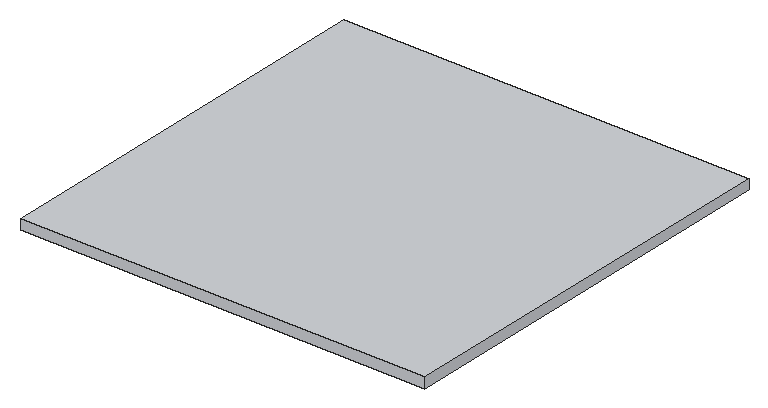
Revit family "90900", category Aparatos sanitarios, Revit 2017
Family settings
  Anfitrión = Cara
  Cota de conector redondo = Diámetro de uso
  Tipo de pieza = Normal
  Número OmniClass = 23.45.55.14
  Título OmniClass = Single Faucets
  Corte con vacíos al cargar = No
  Compartido = No
  Punto de cálculo de habitación = No
Parameters (values of type "90900")
  URL = "http://www.griferiasgalindo.com"
  Teléfono = "(+34) 915 782 575"
  TIPO DE AGUA = "Fria"
  REFERENCIA = "90900"
  Presión Máxima = "Max. 8 bar"
  PESO BRUTO = "1,180 Kg."
  Modelo = "PRESTO XT 2000 - L ECO"
  Material = LATON CROMADO
  Imagen de tipo = <Ninguno>
  Fabricante = "PRESTO IBÉRICA"
  Default Elevation = 1219.2 mm
  ENTRADA = "Macho 1/2\""
  Descripción = "Grifo temporizado de un agua para instalación sobre repisa y apertura por pulsador."
  Código de montaje = "C1030220"
  Contacto = "info@prestoiberica.com"
  Conexión AF = yes
  Conexión AC = no
  Comentarios de tipo = "Cuerpo y pulsador en latón cromado. Piezas interiores en matieriales resistentes a la corrosión e incrustaciones calcáreas. Cabeza intercambiable. Suministrado con arandela, junta y tuerca de fijación. Entrada macho de  1/2\". Aireador oculto y regulador de caudal."
  CIERRE = "Automático en 10 Seg."
  CAUDAL = "5 l/min"
  Accionamiento = "Mediante pulsador"
Reference planes
  plane 1 "Centro (Frontal/Posterior)": y = 0
  plane 2: z = 0
  plane 3 "Centro (Izquierda/Derecha)": x = 0
Forms (mm)
  Extrusion 1, solid
    sketch origin (0, 0, 0) x (1, 0, 0) y (0, 1, 0)
      loop
        line (-100, 100) -> (-100, -100) -> (100, -100) -> (100, 100) -> (-100, 100)
    from 0 to -5
Dimensions and locks
  Extrusion 1 sketch curve to plane 1 "Centro (Frontal/Posterior)" = 100 mm
  aligned and locked: plane 2 to Extrusion 1
  aligned and locked: level to Extrusion 1
Connectors
  piping at (0, 3.5, -49.314), diameter 12.7
    settings: on import instance, index 1, connector inside diameter 609.6 mm, connector length 0 mm, flow factor 0, pipe flow 0.0 L/s, pressure drop 0.0 Pa, fitting loss kfactor 0, connector angle 0.00°, fixture units 0, engagement length 0 mm, angle of deflection 0.00°, flow configuration 0, flow direction 1, fitting loss method 0, system type 20, joint type 0, gender type 0, connector reference index -1, connector utility 0, adjustable connector no, is connector primary yes, connector description ""
